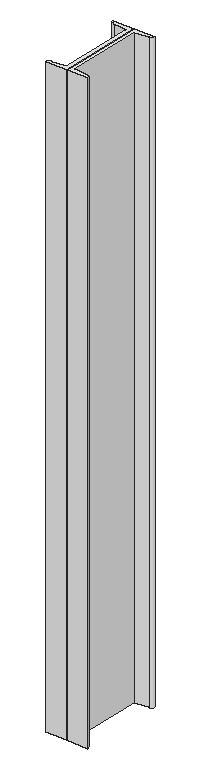
Revit family "이중 C-채널-기둥", category 구조 기둥, Revit 2026
Family settings
  단면 모양 = 정의되지 않음
  모델 동작 재료 = 스틸
  항상 형상으로 내보내기 = 아니오
  평면의 보 전환 = 경계 상자에서
  로드될 때 보이드를 사용하여 절단 = 아니오
  기호 표현 = 프로젝트 설정에서
  공유 = 아니오
  평면도에서 미리 절단된 패밀리 표시 = 예
Parameters (values of type "2C380X74")
  Structural Material [instance] = 금속 - 스틸 - 345 MPa
  공간 = 0 mm
  A = 19000.00 mm²
  조합 코드 = "B10"
  W = 1.46
  bf = 94.4 mm
  d = 381 mm
  tf = 16.5 mm
  tw = 18.2 mm
Reference planes
  plane 1: y = 0
  plane 2: z = 0
  plane 3: x = 0
  plane 4: x = -94.4
  plane 5: x = 94.4
  plane 6: y = 190.5
  plane 7: y = -190.5
  plane 8: x = 0
  plane 9: x = 0
  plane 10: y = 174
  plane 11: y = -174
  plane 12: x = 18.2
  plane 13: x = -18.2
  plane 14: x = 77.9
  plane 15: x = -77.9
Forms (mm)
  Extrusion 1, solid, material "금속 - 스틸 - 345 MPa" <- "Structural Material", detail levels medium
    sketch origin (0, 0, 0) x (1, 0, 0) y (0, 1, 0)
      loop
        line (94.4, 190.5) -> (0, 190.5) -> (0, -190.5) -> (94.4, -190.5) -> (94.4, -174) -> (18.2, -161.931) -> (18.2, 161.931) -> (94.4, 174) -> (94.4, 190.5)
    from 0 to 2700
  Extrusion 2, solid, material "금속 - 스틸 - 345 MPa" <- "Structural Material", detail levels fine
    sketch origin (0, 0, 0) x (1, 0, 0) y (0, 1, 0)
      loop
        line (94.4, 190.5) -> (0, 190.5) -> (0, -190.5) -> (94.4, -190.5)
        arc (94.4, -190.5) -> (89.567, -178.833) -> (77.9, -174) r 16.5
        line (77.9, -174) -> (18.2, -164.544) -> (18.2, 164.544) -> (77.9, 174)
        arc (77.9, 174) -> (89.567, 178.833) -> (94.4, 190.5) r 16.5
    from 0 to 2700
  Extrusion 3, solid, material "금속 - 스틸 - 345 MPa" <- "Structural Material", detail levels medium
    sketch origin (0, 0, 0) x (-1, 0, 0) y (0, -1, 0)
      loop
        line (94.4, -190.5) -> (94.4, -174) -> (18.2, -161.931) -> (18.2, 161.931) -> (94.4, 174) -> (94.4, 190.5) -> (0, 190.5) -> (0, -190.5) -> (94.4, -190.5)
    from 0 to 2700
  Extrusion 4, solid, material "금속 - 스틸 - 345 MPa" <- "Structural Material", detail levels fine
    sketch origin (0, 0, 0) x (-1, 0, 0) y (0, -1, 0)
      loop
        arc (94.4, -190.5) -> (89.567, -178.833) -> (77.9, -174) r 16.5
        line (77.9, -174) -> (18.2, -164.544) -> (18.2, 164.544) -> (77.9, 174)
        arc (77.9, 174) -> (89.567, 178.833) -> (94.4, 190.5) r 16.5
        line (94.4, 190.5) -> (0, 190.5) -> (0, -190.5) -> (94.4, -190.5)
    from 0 to 2700
Lines and regions (mm)
  symbolic lines, style "StructuralColumnStickSymbols", detail levels coarse
    curve 1: line (0, 190.5, 0) -> (94.4, 190.5, 0)
    curve 2: line (0, -190.5, 0) -> (94.4, -190.5, 0)
    curve 3: line (0, 190.5, 0) -> (0, -190.5, 0)
    curve 6: line (0, 190.5, 0) -> (-94.4, 190.5, 0)
    curve 7: line (0, -190.5, 0) -> (-94.4, -190.5, 0)
    curve 8: line (0, 190.5, 0) -> (0, -190.5, 0)
  symbolic lines, style "숨겨진 면", detail levels medium+fine
    curve 4: line (-18.2, 0, 0) -> (-18.2, 0, 2700)
    curve 5: line (18.2, 0, 2700) -> (18.2, 0, 0)
Dimensions and locks
  equal spacing: plane 7, plane 1, plane 6
  "d": plane 7 to plane 6
  equal spacing: plane 8, plane 3, plane 9
  "공간": plane 8 to plane 9
  "bf": plane 9 to plane 5
  "bf": plane 4 to plane 8
  "tf": plane 6 to plane 10
  "tf": plane 7 to plane 11
  "tw": plane 9 to plane 12
  "tw": plane 8 to plane 13
  "tf": plane 14 to plane 5
  "tf": plane 15 to plane 4
  "tf": radius of Extrusion 2 sketch curve  (x2)
  "tf": radius of Extrusion 4 sketch curve  (x2)
  locked: plane 10 to Extrusion 1 sketch curve (angle 9.00°)
  locked: Extrusion 1 sketch curve to plane 11 (angle 9.00°)
  locked: Extrusion 2 sketch curve to plane 11 (angle 9.00°)
  angle plane 10 to Extrusion 2 sketch curve = 9.00°
  locked: Extrusion 3 sketch curve to plane 10 (angle 9.00°)
  locked: plane 11 to Extrusion 3 sketch curve (angle 9.00°)
  locked: Extrusion 4 sketch curve to plane 10 (angle 9.00°)
  locked: plane 11 to Extrusion 4 sketch curve (angle 9.00°)
  aligned and locked: level to plane 2
  aligned and locked: plane 9 to curve 2
  aligned and locked: plane 9 to curve 1
  aligned and locked: plane 5 to curve 2
  aligned and locked: plane 5 to curve 1
  aligned and locked: plane 6 to curve 1
  aligned and locked: curve 7 to plane 7
  aligned and locked: curve 6 to plane 6
  aligned and locked: plane 4 to curve 6
  aligned and locked: plane 4 to curve 7
  aligned and locked: plane 7 to curve 3
  aligned and locked: plane 8 to curve 7
  aligned and locked: plane 8 to curve 6
  aligned and locked: level to curve 5
  aligned and locked: level to curve 4
  aligned and locked: plane 12 to curve 5
  aligned and locked: plane 13 to curve 4
  aligned and locked: plane 6 to Extrusion 1 sketch curve
  aligned and locked: Extrusion 1 sketch curve to plane 9
  aligned and locked: Extrusion 1 sketch curve to plane 7
  aligned and locked: plane 12 to Extrusion 1 sketch curve
  aligned and locked: plane 5 to Extrusion 1 sketch curve  (x4)
  aligned and locked: plane 11 to Extrusion 1 sketch curve
  aligned and locked: Extrusion 2 sketch curve to plane 6
  aligned and locked: plane 9 to Extrusion 2 sketch curve
  aligned and locked: plane 7 to Extrusion 2 sketch curve
  aligned and locked: Extrusion 2 sketch curve to plane 12
  aligned and locked: plane 14 to Extrusion 2 sketch curve  (x4)
  aligned and locked: plane 11 to Extrusion 2 sketch curve
  aligned and locked: plane 10 to Extrusion 2 sketch curve
  aligned and locked: plane 7 to Extrusion 3 sketch curve
  aligned and locked: plane 8 to Extrusion 3 sketch curve
  aligned and locked: Extrusion 3 sketch curve to plane 6
  aligned and locked: plane 4 to Extrusion 3 sketch curve  (x2)
  aligned and locked: Extrusion 3 sketch curve to plane 13
  aligned and locked: Extrusion 4 sketch curve to plane 8
  aligned and locked: plane 6 to Extrusion 4 sketch curve  (x2)
  aligned and locked: plane 13 to Extrusion 4 sketch curve
  aligned and locked: Extrusion 4 sketch curve to plane 7
  aligned and locked: plane 7 to Extrusion 4 sketch curve
  aligned and locked: plane 15 to Extrusion 4 sketch curve  (x2)
  aligned and locked: level to Extrusion 2
  aligned and locked: level to Extrusion 4
  aligned and locked: level to Extrusion 1
  aligned and locked: level to Extrusion 3
  aligned and locked: Extrusion 1 to plane 2
  aligned and locked: Extrusion 3 to plane 2
  aligned and locked: Extrusion 2 to plane 2
  aligned and locked: Extrusion 4 to plane 2
Automatic sketch dimensions
  curve 5 to level = 0 mm
  curve 4 to level = 0 mm
  Extrusion 1 sketch curve to plane 10 = 0 mm
  Extrusion 3 sketch curve to plane 11 = 0 mm
  Extrusion 3 sketch curve to plane 10 = 0 mm
